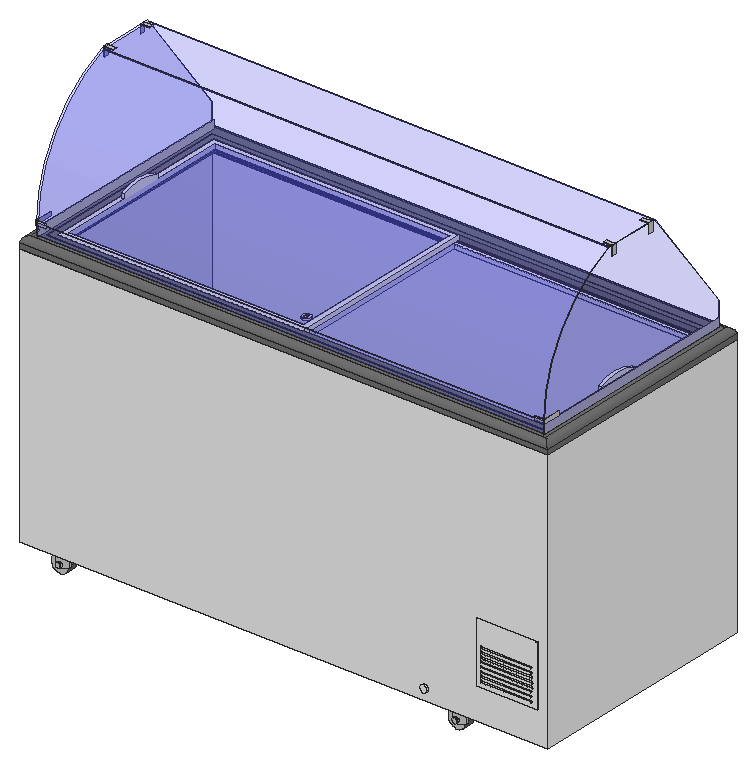
Revit family "Qf_Summit_NOVA53GDC_18 Cu.Ft. Dipping Cabinet (Unassembled)", category Specialty Equipment, Revit 2020
Family settings
  Round Connector Dimension = Use Diameter
  Part Type = Normal
  Work Plane-Based = No
  Always vertical = Yes
  Cut with Voids When Loaded = No
  Shared = No
  Room Calculation Point = No
Parameters
  Weight in Pounds = 300
  Watts = FL Amps * Volts  # 483 W
  Volts = 115 V
  URL Cutsheet = ""
  Specification by User = ""
  Specification by Manufacturer = ""
  Show Clearance [instance] = yes
  Serial Number = ""
  Seismic Rating = ""
  SMACNA No = ""
  Revision Code = ""
  Refrigerant Volume = 0.00 kip
  Refrigerant Type = "R290a"
  Phase = 1
  Number of Poles = 1
  NAFEM Spec ID Number = ""
  Model = "NOVA53GDC"
  Min Ckt Ampacity = 0 A
  Max Overcurrent Protection = 0 A
  Masterspec = ""
  Manufacturer = "Summit"
  Length = 60 3/4"
  Item Number = ""
  Installed By = ""
  Identify Quantity as Lot = yes
  Height = 49 1/2"
  HP = ""
  Furnished By = ""
  Foodservice Equipment Identifier = yes
  FL Amps = 4.2 A
  Electrical Remarks = ""
  Electric Connection Type = ""
  Elec Conn RI Height = 0"
  Elec Conn Connection Height = 0"
  Description = "18 Cu.Ft. Dipping Cabinet (Unassembled)"
  Depth = 27 1/4"
  Default Elevation = 0"
  Cycle = 60 Hz
  Conn Plug = ""
  Conn Conduit = yes
  CSI MasterFormat = ""
  Apparent Power = 828 VA
Reference planes (in)
  plane 1: z = 0
  plane 2 "LEFT": x = 0
  plane 3 "RIGHT": x = 60.75
  plane 4 "FRONT": y = -28
  plane 5 "TOP": z = 34.25
  plane 6 "Center Y": x = 30.375
  plane 7 "Center X": y = -14.375
  plane 8 "BACK": y = -0.75
  plane 9: z = 2.75
  plane 10: x = 0.75
  plane 11: x = 3.71343
  plane 12: x = 49.4375
  plane 13: x = 1.7
  plane 14: x = 39.825
  plane 15: x = 31.95
  plane 16: z = 5.875
  plane 17: y = -27
  plane 18: y = -1.75
  plane 19: x = 3.125
  plane 20: x = 57.625
  plane 21: z = 15.625
  plane 22: x = 49.75
  plane 23: z = 49.5
Forms (in)
  Sweep 1, solid, material "QF_Plastic_Dark_Grey"
    path origin (0, 0, 0) x (1, 0, 0) y (0, 1, 0)
      loop
        line (0, -0.75) -> (0, -28) -> (60.75, -28) -> (60.75, -0.75) -> (0, -0.75)
    profile origin (0, -14.375, 0) x (1, 0, 0) y (0, 0, 1)
      loop
        line (0, 33) -> (1.7, 33) -> (1.7, 34.25) -> (0.75, 34.25) -> (0.67874, 34.25)
        arc (0.67874, 34.25) -> (0.1988, 34.0512) -> (0, 33.57126) r 0.67874
        line (0, 33.57126) -> (0, 33)
  Extrusion 2, solid, material "QF_Metallic_Paint_White_Smooth"
    sketch origin (0, 0, 0) x (1, 0, 0) y (0, 1, 0)
      loop
        line (1.4375, -26.5625) -> (59.3125, -26.5625) -> (59.3125, -2.1875) -> (1.4375, -2.1875) -> (1.4375, -26.5625)
      loop
        line (60.75, -0.75) -> (0, -0.75) -> (0, -28) -> (60.75, -28) -> (60.75, -0.75)
    from 2.75 to 33
  Extrusion 3, solid, material "QF_Metallic_Paint_White_Smooth"
    sketch origin (0, 0, 0) x (1, 0, 0) y (0, 1, 0)
      loop
        line (2.4, -3.15) -> (2.4, -25.6) -> (30.625, -25.6) -> (30.625, -3.15) -> (2.4, -3.15)
      loop
        line (3.075, -3.8) -> (3.075, -24.8) -> (30.125, -24.8) -> (30.125, -3.8) -> (3.075, -3.8)
    from 33.70906 to 34.25
  Extrusion 4, solid, material "Glass"
    sketch origin (0, 0, 0) x (1, 0, 0) y (0, 1, 0)
      loop
        line (3.075, -3.8) -> (3.075, -24.8) -> (30.125, -24.8) -> (30.125, -3.8) -> (3.075, -3.8)
    from 33.63932 to 34.25
  Extrusion 5, solid, material "QF_Metallic_Paint_White_Smooth"
    sketch origin (0, -0.75, 0) x (1, 0, 0) y (0, 0, 1)
      loop
        line (1, 5.875) -> (1, 2.75) -> (59.75, 2.75) -> (59.75, 15.625) -> (49.75, 15.625) -> (49.75, 5.875) -> (1, 5.875)
    from 1.4375 to 25.8125
  Sweep 6, solid, material "QF_Plastic_Dark_Grey"
    path origin (30, 0, 34.27864) x (-1, 0, 0) y (0, -1, 0)
      loop
        line (27.7, 3.05) -> (27.7, 25.7) -> (-28.45, 25.7) -> (-28.45, 3.05) -> (27.7, 3.05)
    profile origin (30.375, -3.05, 34.27864) x (0, 1, 0) y (0, 0, 1)
      loop
        line (-0.1, -0.02864) -> (-0.1, -0.56958) -> (-0.33757, -0.56958) -> (-0.33757, -0.63932) -> (-0.1, -0.63932) -> (-0.1, -1.18026) -> (-0.33757, -1.18026) -> (-0.33757, -1.27864) -> (0.6, -1.27864) -> (0.6, -0.02864) -> (-0.1, -0.02864)
  Extrusion 7, solid, material "QF_Metallic_Paint_White_Smooth"
    sketch origin (30, 0, -0.61068) x (-1, 0, 0) y (0, -1, 0)
      loop
        line (-28.35, 3.15) -> (-0.125, 3.15) -> (-0.125, 25.6) -> (-28.35, 25.6) -> (-28.35, 3.15)
      loop
        line (-27.675, 3.8) -> (-0.625, 3.8) -> (-0.625, 24.8) -> (-27.675, 24.8) -> (-27.675, 3.8)
    from 33.70906 to 34.25
  Extrusion 8, solid, material "Glass"
    sketch origin (30, 0, -0.61068) x (-1, 0, 0) y (0, -1, 0)
      loop
        line (-27.675, 3.8) -> (-0.625, 3.8) -> (-0.625, 24.8) -> (-27.675, 24.8) -> (-27.675, 3.8)
    from 33.70906 to 34.25
  Extrusion 9, solid, material "QF_Metallic_Paint_White_Smooth"
    sketch origin (23.88, 0, 0) x (0, 1, 0) y (0, 0, 1)
      loop
        line (-16.73455, 34.25) -> (-12.01545, 34.25) -> (-12.01545, 34.75)
        arc (-12.01545, 34.75) -> (-14.375, 35.25) -> (-16.73455, 34.75) r 5.8175
        line (-16.73455, 34.75) -> (-16.73455, 34.25)
    from -21.17186 to -20.805
  Extrusion 10, solid, material "QF_Metallic_Paint_White_Smooth"
    sketch origin (6.12, 0, -0.61068) x (0, 1, 0) y (0, 0, -1)
      loop
        line (-16.73455, -34.25) -> (-16.73455, -34.75)
        arc (-16.73455, -34.75) -> (-14.375, -35.25) -> (-12.01545, -34.75) r 5.8175
        line (-12.01545, -34.75) -> (-12.01545, -34.25) -> (-16.73455, -34.25)
    from -51.92186 to -51.555
  Extrusion 11, solid, material "QF_Metallic_Paint_White_Smooth"
    sketch origin (0, -28, 0) x (1, 0, 0) y (0, 0, 1)
      loop
        line (52.625, 13.375) -> (52.625, 6.375) -> (59.625, 6.375) -> (59.625, 13.375) -> (52.625, 13.375)
      loop
        line (53.125, 10.625) -> (53.125, 10.375) -> (59.125, 10.375) -> (59.125, 10.625) -> (53.125, 10.625)
      loop
        line (59.125, 10.125) -> (53.125, 10.125) -> (53.125, 9.875) -> (59.125, 9.875) -> (59.125, 10.125)
      loop
        line (53.125, 9.625) -> (53.125, 9.375) -> (59.125, 9.375) -> (59.125, 9.625) -> (53.125, 9.625)
      loop
        line (59.125, 9.125) -> (53.125, 9.125) -> (53.125, 8.875) -> (59.125, 8.875) -> (59.125, 9.125)
      loop
        line (53.125, 8.625) -> (53.125, 8.375) -> (59.125, 8.375) -> (59.125, 8.625) -> (53.125, 8.625)
      loop
        line (59.125, 8.125) -> (53.125, 8.125) -> (53.125, 7.875) -> (59.125, 7.875) -> (59.125, 8.125)
      loop
        line (53.125, 7.625) -> (53.125, 7.375) -> (59.125, 7.375) -> (59.125, 7.625) -> (53.125, 7.625)
      loop
        line (59.125, 7.125) -> (53.125, 7.125) -> (53.125, 6.875) -> (59.125, 6.875) -> (59.125, 7.125)
    from 0 to 0.03125
  Extrusion 12, solid, material "QF_Metallic_Paint_White_Smooth"
    sketch origin (0, -0.75, 0) x (1, 0, 0) y (0, 0, 1)
      loop
        circle (57.75, 5.375) r 0.25
    from 0 to -0.23344
  Extrusion 13, solid, material "QF_Metallic_Paint_White_Smooth"
    sketch origin (0, -28, 0) x (1, 0, 0) y (0, 0, 1)
      loop
        circle (46.625, 4) r 0.40028
    from 0 to 0.15886
  Extrusion 14, solid, material "QF_Metal - Stainless - Polished"
    sketch origin (0.07561, 0.09001, 34.25) x (1, 0, 0) y (0, 1, 0)
      loop
        circle (29.29939, -23.52751) r 0.5
      loop
        circle (29.29939, -23.52751) r 0.25
      loop
        arc (29.33064, -23.57767) -> (29.29939, -23.46841) -> (29.26814, -23.57767) r 0.0591
        line (29.26814, -23.57767) -> (29.26814, -23.72445)
        arc (29.26814, -23.72445) -> (29.29939, -23.7557) -> (29.33064, -23.72445) r 0.03125
        line (29.33064, -23.72445) -> (29.33064, -23.57767)
    from 0.04239 to -0.05358
Cuts and joins
  joined: Extrusion 2, Extrusion 5, Extrusion 11, Extrusion 12
  joined: Extrusion 3, Extrusion 9
  joined: Extrusion 7, Extrusion 10
Lines and regions (in)
  Split face 1
    outline origin (52.625, -28.03125, 13.375) x (-1, 0, 0) y (0, 0, -1)
      loop
        arc (-2, 1.7125) -> (-2.02929, 1.78321) -> (-2.1, 1.8125) r 0.1
        line (-2.1, 1.8125) -> (-4.9, 1.8125)
        arc (-4.9, 1.8125) -> (-4.97071, 1.78321) -> (-5, 1.7125) r 0.1
        line (-5, 1.7125) -> (-5, 0.6)
        arc (-5, 0.6) -> (-4.97071, 0.52929) -> (-4.9, 0.5) r 0.1
        line (-4.9, 0.5) -> (-2.1, 0.5)
        arc (-2.1, 0.5) -> (-2.02929, 0.52929) -> (-2, 0.6) r 0.1
        line (-2, 0.6) -> (-2, 1.7125)
  Split face 2
    outline origin (52.625, -28.03125, 13.375) x (-1, 0, 0) y (0, 0, -1)
      loop
        line (-2.625, 0.6875) -> (-2.625, 1.375) -> (-4.374, 1.375) -> (-4.374, 0.6875) -> (-2.625, 0.6875)
  Split face 3
    outline origin (52.625, -28.03125, 13.375) x (-1, 0, 0) y (0, 0, -1)
      loop
        arc (-2.4061, 0.67406) -> (-2.3125, 0.54855) -> (-2.2189, 0.67406) r 0.09766
        arc (-2.2189, 0.67406) -> (-2.24545, 0.75668) -> (-2.26367, 0.84152) r 0.87424
        line (-2.26367, 0.84152) -> (-2.26974, 0.93917) -> (-2.35526, 0.93917) -> (-2.36133, 0.84152)
        arc (-2.36133, 0.84152) -> (-2.37955, 0.75668) -> (-2.4061, 0.67406) r 0.87424
  Split face 4
    outline origin (52.625, -28.03125, 13.375) x (-1, 0, 0) y (0, 0, -1)
      loop
        line (-4.59026, 0.82885) -> (-4.6875, 0.81322) -> (-4.78474, 0.82885) -> (-4.6875, 0.66041) -> (-4.59026, 0.82885)
  Split face 5
    outline origin (52.625, -28.03125, 13.375) x (-1, 0, 0) y (0, 0, -1)
      loop
        line (-4.6875, 1.09273) -> (-4.59026, 1.07711) -> (-4.6875, 1.24554) -> (-4.78474, 1.07711) -> (-4.6875, 1.09273)
  Split face 6
    outline origin (52.625, -28.03125, 13.375) x (-1, 0, 0) y (0, 0, -1)
      loop
        arc (-4.67187, 1.54954) -> (-4.6875, 1.73573) -> (-4.70312, 1.54954) r 0.09375
        line (-4.70312, 1.54954) -> (-4.70312, 1.48913) -> (-4.67187, 1.48913) -> (-4.67187, 1.54954)
  symbolic lines
    curve 1: line (0, -0.75, 0) -> (60.75, -0.75, 0)
    curve 2: line (0, -28, 0) -> (0, -0.75, 0)
    curve 3: line (60.75, -28, 0) -> (0, -28, 0)
    curve 4: line (60.75, -0.75, 0) -> (60.75, -28, 0)
    curve 5: line (30.125, -10.375, 0) -> (30.125, -3.8, 0)
    curve 6: line (1, -27, 0) -> (1, -1.75, 0)
    curve 7: line (1, -1.75, 0) -> (59.75, -1.75, 0)
    curve 8: line (59.75, -1.75, 0) -> (59.75, -27, 0)
    curve 9: line (59.75, -27, 0) -> (1, -27, 0)
    curve 10: line (30.625, -24.8, 0) -> (57.675, -24.8, 0)
    curve 11: line (3.075, -12.01545, 0) -> (2.70814, -12.01545, 0)
    curve 12: line (2.70814, -12.01545, 0) -> (2.70814, -16.73455, 0)
    curve 13: line (2.70814, -16.73455, 0) -> (3.075, -16.73455, 0)
    curve 14: line (57.675, -12.01545, 0) -> (58.04186, -12.01545, 0)
    curve 15: line (58.04186, -12.01545, 0) -> (58.04186, -16.73455, 0)
    curve 16: line (58.04186, -16.73455, 0) -> (57.675, -16.73455, 0)
    curve 17: line (1.7, -2.45, 0) -> (1.7, -26.3, 0)
    curve 18: line (1.7, -26.3, 0) -> (59.05, -26.3, 0)
    curve 19: line (59.05, -26.3, 0) -> (59.05, -2.45, 0)
    curve 20: line (59.05, -2.45, 0) -> (1.7, -2.45, 0)
    curve 21: line (2.4, -25.6, 0) -> (2.4, -3.15, 0)
    curve 22: line (2.4, -3.15, 0) -> (58.35, -3.15, 0)
    curve 23: line (58.35, -3.15, 0) -> (58.35, -25.6, 0)
    curve 24: line (58.35, -25.6, 0) -> (2.4, -25.6, 0)
    curve 25: line (3.075, -3.8, 0) -> (3.075, -24.8, 0)
    curve 26: line (3.075, -24.8, 0) -> (30.125, -24.8, 0)
    curve 27: line (30.125, -24.8, 0) -> (30.125, -3.8, 0)
    curve 28: line (30.125, -3.8, 0) -> (3.075, -3.8, 0)
    curve 29: line (30.625, -25.6, 0) -> (30.625, -3.15, 0)
    curve 30: line (30.625, -3.8, 0) -> (57.675, -3.8, 0)
    curve 31: line (57.675, -3.8, 0) -> (57.675, -24.8, 0)
    curve 32: arc (29.875, -23.4375, 0) -> (29.375, -22.9375, 0) -> (28.875, -23.4375, 0) r 0.5
    curve 33: arc (28.875, -23.4375, 0) -> (29.375, -23.9375, 0) -> (29.875, -23.4375, 0) r 0.5
    curve 34: arc (29.125, -23.4375, 0) -> (29.375, -23.1875, 0) -> (29.625, -23.4375, 0) r 0.25
    curve 35: arc (29.625, -23.4375, 0) -> (29.375, -23.6875, 0) -> (29.125, -23.4375, 0) r 0.25
    curve 36: line (29.34375, -23.48766, 0) -> (29.34375, -23.63444, 0)
    curve 37: arc (29.34375, -23.63444, 0) -> (29.375, -23.66569, 0) -> (29.40625, -23.63444, 0) r 0.03125
    curve 38: line (29.40625, -23.63444, 0) -> (29.40625, -23.48766, 0)
    curve 39: arc (29.40625, -23.48766, 0) -> (29.375, -23.3784, 0) -> (29.34375, -23.48766, 0) r 0.0591
Dimensions and locks (in)
  equal spacing: plane 2 "LEFT", plane 6 "Center Y", plane 3 "RIGHT"
  "Length": plane 2 "LEFT" to plane 3 "RIGHT"
  equal spacing: plane 4 "FRONT", plane 7 "Center X", plane 8 "BACK"
  plane 5 "TOP" to level = 34 1/4"  (x3)
  plane 3 "RIGHT" to plane 2 "LEFT" = 60 3/4"
  "Depth": plane 4 "FRONT" to plane 8 "BACK"
  plane 9 to level = 2 3/4"
  locked: plane 11 to plane 2 "LEFT" at 3.71343
  locked: plane 3 "RIGHT" to plane 12 at 11.3125
  plane 5 "TOP" to cut or joined group of Extrusion 2, Extrusion 5, Extrusion 11, Extrusion 12 = 31 1/2"
  locked: Extrusion 2 sketch curve to plane 3 "RIGHT" at 1.4375
  plane 14 to Extrusion 5 sketch curve = 9.925"
  locked: Extrusion 5 sketch curve to plane 3 "RIGHT" at 1
  locked: Sweep 6 sketch curve to plane 3 "RIGHT" at 2.3
  Extrusion 3 sketch curve to plane 6 "Center Y" to Extrusion 3 sketch curve = 1/4" locked, 1/4" locked
  cut or joined group of Extrusion 7, Extrusion 10 to cut or joined group of Extrusion 7, Extrusion 10 to cut or joined group of Extrusion 7, Extrusion 10 to plane 3 "RIGHT" = 0" locked, 0.36686", 2.70814"
  nested 5 to plane 5 "TOP" = 15 5/16"
  cut or joined group of Extrusion 2, Extrusion 5, Extrusion 11, Extrusion 12 to cut or joined group of Extrusion 2, Extrusion 5, Extrusion 11, Extrusion 12 = 9 9/16"
  plane 18 to plane 17 = 25 1/4"
  plane 19 to plane 20 = 54 1/2"
  plane 16 to level = 5 7/8"
  locked: plane 21 to plane 16 at 9.75
  locked: plane 20 to plane 22 at 7.875
  plane 23 to plane 1 = 49 1/2"
  aligned and locked: level to plane 1
  aligned and locked: nested 1 to plane 11
  aligned and locked: nested 2 to plane 11
  aligned and locked: nested 3 to plane 12
  aligned and locked: nested 4 to plane 12
  aligned and locked: Extrusion 3 to Extrusion 4  (x3)
  aligned and locked: Extrusion 8 to Extrusion 7  (x3)
  aligned and locked: Sweep 1 sketch curve to plane 3 "RIGHT"
  aligned and locked: cut or joined group of Extrusion 7, Extrusion 10 to cut or joined group of Extrusion 7, Extrusion 10
  aligned and locked: plane 6 "Center Y" to nested 5
  aligned and locked: cut or joined group of Extrusion 2, Extrusion 5, Extrusion 11, Extrusion 12 to plane 16
  aligned and locked: plane 21 to cut or joined group of Extrusion 2, Extrusion 5, Extrusion 11, Extrusion 12
  aligned and locked: cut or joined group of Extrusion 2, Extrusion 5, Extrusion 11, Extrusion 12 to plane 22
Automatic sketch dimensions
  Extrusion 9 sketch curve to plane 5 "TOP" = 0"
  Extrusion 9 sketch curve to plane 7 "Center X" = 0"
  Extrusion 9 sketch curve to plane 7 "Center X" = 2.35955"
  plane 5 "TOP" to Extrusion 9 sketch curve = 1/2"
  plane 7 "Center X" to Extrusion 9 sketch curve = 2.35955"
  Extrusion 9 sketch curve to plane 5 "TOP" = 4.8175"
  Extrusion 10 sketch curve to plane 5 "TOP" = 0.61068"
  Extrusion 10 sketch curve to plane 7 "Center X" = 0"
  Extrusion 10 sketch curve to plane 7 "Center X" = 2.35955"
  Extrusion 10 sketch curve to plane 5 "TOP" = 0.11068"
  plane 7 "Center X" to Extrusion 10 sketch curve = 2.35955"
  Extrusion 10 sketch curve to plane 5 "TOP" = 5.42818"
  Sweep 1 sketch curve to plane 2 "LEFT" = 0"
  plane 4 "FRONT" to Sweep 1 sketch curve = 0"
  plane 8 "BACK" to Sweep 1 sketch curve = 0"
  profile plane to Sweep 1 sketch curve = 0"
  plane 10 to Sweep 1 sketch curve = 0"
  Sweep 1 sketch curve to Sweep 1 sketch curve = 0.07126"
  Sweep 1 sketch curve to plane 10 = 0.95"
  level to Sweep 1 sketch curve = 33"
  Sweep 1 sketch curve to Sweep 1 sketch curve = 0.57126"
  Extrusion 2 sketch curve to plane 2 "LEFT" = 0"
  Extrusion 2 sketch curve to plane 3 "RIGHT" = 0"
  plane 4 "FRONT" to Extrusion 2 sketch curve = 0"
  plane 8 "BACK" to Extrusion 2 sketch curve = 0"
  plane 13 to Extrusion 2 sketch curve = 0.2625"
  Extrusion 2 sketch curve to plane 17 = 7/16"
  Extrusion 2 sketch curve to plane 18 = 7/16"
  plane 19 to Extrusion 3 sketch curve = 0.05"
  Extrusion 3 sketch curve to plane 13 = 0.7"
  Extrusion 3 sketch curve to plane 17 = 1.4"
  Extrusion 3 sketch curve to Extrusion 3 sketch curve = 0.8"
  Extrusion 3 sketch curve to plane 18 = 2.05"
  Extrusion 3 sketch curve to Extrusion 3 sketch curve = 0.65"
  plane 19 to Extrusion 4 sketch curve = 0.05"
  Extrusion 4 sketch curve to plane 6 "Center Y" = 1/4"
  Extrusion 4 sketch curve to plane 17 = 2.2"
  Extrusion 4 sketch curve to plane 18 = 2.05"
  Extrusion 5 sketch curve to plane 16 = 0"
  Extrusion 5 sketch curve to plane 9 = 0"
  Extrusion 5 sketch curve to plane 21 = 0"
  plane 13 to Extrusion 5 sketch curve = 0.7"
  Sweep 6 sketch curve to plane 13 = 0.6"
  Sweep 6 sketch curve to plane 18 = 1.3"
  Sweep 6 sketch curve to plane 17 = 1.3"
  profile plane to Sweep 6 sketch curve = 0.33757"  (x2)
  profile plane to Sweep 6 sketch curve = 0.1"
  Sweep 6 sketch curve to Sweep 6 sketch curve = 0"
  Sweep 6 sketch curve to profile plane = 0.02864"
  Sweep 6 sketch curve to profile plane = 0.6"
  Sweep 6 sketch curve to profile plane = 0.56958"
  Sweep 6 sketch curve to Sweep 6 sketch curve = 0.06974"
  Sweep 6 sketch curve to Sweep 6 sketch curve = 0.54094"
  Sweep 6 sketch curve to Sweep 6 sketch curve = 0.09838"
  Extrusion 7 sketch curve to plane 20 = 0.725"
  Extrusion 7 sketch curve to plane 20 = 0.05"
  Extrusion 7 sketch curve to plane 6 "Center Y" = 1/4"
  plane 6 "Center Y" to Extrusion 7 sketch curve = 1/4"
  plane 17 to Extrusion 7 sketch curve = 1.4"
  Extrusion 7 sketch curve to Extrusion 7 sketch curve = 0.8"
  plane 18 to Extrusion 7 sketch curve = 2.05"
  Extrusion 7 sketch curve to Extrusion 7 sketch curve = 0.65"
  Extrusion 8 sketch curve to plane 20 = 0.05"
  Extrusion 8 sketch curve to plane 6 "Center Y" = 1/4"
  plane 17 to Extrusion 8 sketch curve = 2.2"
  plane 18 to Extrusion 8 sketch curve = 2.05"
  Extrusion 11 sketch curve to plane 16 = 1/2"
  plane 22 to Extrusion 11 sketch curve = 2 7/8"
  Extrusion 11 sketch curve to Extrusion 11 sketch curve = 1/2"  (x4)
  Extrusion 11 sketch curve to Extrusion 11 sketch curve = 0"  (x13)
  plane 20 to Extrusion 11 sketch curve = 1 1/2"
  Extrusion 11 sketch curve to Extrusion 11 sketch curve = 1/4"  (x15)
  Extrusion 11 sketch curve to plane 21 = 2 1/4"
  cut or joined group of Extrusion 2, Extrusion 5, Extrusion 11, Extrusion 12 to Split face 1 sketch curve = 1 1/2"
  Split face 1 sketch curve to Split face 1 sketch curve = 0.1"  (x3)
  Split face 1 sketch curve to cut or joined group of Extrusion 2, Extrusion 5, Extrusion 11, Extrusion 12 = 0.6"
  cut or joined group of Extrusion 2, Extrusion 5, Extrusion 11, Extrusion 12 to Split face 1 sketch curve = 1.6"
  Split face 1 sketch curve to Split face 1 sketch curve = 0"
  Split face 1 sketch curve to cut or joined group of Extrusion 2, Extrusion 5, Extrusion 11, Extrusion 12 = 1.0375"
  Split face 2 sketch curve to cut or joined group of Extrusion 2, Extrusion 5, Extrusion 11, Extrusion 12 = 11/16"
  cut or joined group of Extrusion 2, Extrusion 5, Extrusion 11, Extrusion 12 to Split face 2 sketch curve = 2.126"
  Split face 2 sketch curve to Split face 2 sketch curve = 1.749"
  Split face 2 sketch curve to Split face 2 sketch curve = 11/16"
  Split face 3 sketch curve to cut or joined group of Extrusion 2, Extrusion 5, Extrusion 11, Extrusion 12 = 0.98248"
  cut or joined group of Extrusion 2, Extrusion 5, Extrusion 11, Extrusion 12 to Split face 3 sketch curve = 2.72413"
  Split face 3 sketch curve to cut or joined group of Extrusion 2, Extrusion 5, Extrusion 11, Extrusion 12 = 0.84152"  (x2)
  Split face 3 sketch curve to Split face 3 sketch curve = 0.8628"
  Split face 3 sketch curve to Split face 3 sketch curve = 0.00606"
  Split face 3 sketch curve to Split face 3 sketch curve = 0.04883"
  Split face 3 sketch curve to Split face 3 sketch curve = 0.08553"
  Split face 3 sketch curve to Split face 3 sketch curve = 25/256"  (x2)
  Split face 3 sketch curve to Split face 3 sketch curve = 0.86886"
  Split face 3 sketch curve to Split face 3 sketch curve = 25/128"
  Split face 3 sketch curve to Split face 3 sketch curve = 0.04331"
  Split face 3 sketch curve to Split face 3 sketch curve = 0.0936"
  Split face 4 sketch curve to cut or joined group of Extrusion 2, Extrusion 5, Extrusion 11, Extrusion 12 = 0.82885"  (x2)
  cut or joined group of Extrusion 2, Extrusion 5, Extrusion 11, Extrusion 12 to Split face 4 sketch curve = 1.71526"
  Split face 4 sketch curve to cut or joined group of Extrusion 2, Extrusion 5, Extrusion 11, Extrusion 12 = 0.66041"
  Split face 4 sketch curve to Split face 4 sketch curve = 0.09724"  (x3)
  Split face 4 sketch curve to cut or joined group of Extrusion 2, Extrusion 5, Extrusion 11, Extrusion 12 = 0.81322"
  cut or joined group of Extrusion 2, Extrusion 5, Extrusion 11, Extrusion 12 to Split face 5 sketch curve = 1.71526"
  Split face 5 sketch curve to Split face 5 sketch curve = 0.09724"  (x2)
  Split face 5 sketch curve to Split face 5 sketch curve = 0"  (x2)
  Split face 5 sketch curve to cut or joined group of Extrusion 2, Extrusion 5, Extrusion 11, Extrusion 12 = 1.07711"
  Split face 5 sketch curve to Split face 5 sketch curve = 1/64"
  Split face 5 sketch curve to Split face 5 sketch curve = 0.15281"
  cut or joined group of Extrusion 2, Extrusion 5, Extrusion 11, Extrusion 12 to Split face 6 sketch curve = 1 51/64"
  Split face 6 sketch curve to Split face 6 sketch curve = 1/64"
  Split face 6 sketch curve to Split face 6 sketch curve = 1/32"
  Split face 6 sketch curve to cut or joined group of Extrusion 2, Extrusion 5, Extrusion 11, Extrusion 12 = 1.26087"
  Split face 6 sketch curve to Split face 6 sketch curve = 0.06041"
  Split face 6 sketch curve to Split face 6 sketch curve = 0.09244"
  plane 20 to Extrusion 12 sketch curve = 1/8"
  plane 16 to Extrusion 12 sketch curve = 1/2"
  Extrusion 13 sketch curve to plane 9 = 1 1/4"
  Extrusion 13 sketch curve to plane 12 = 2 13/16"
  Extrusion 14 sketch curve to Extrusion 14 sketch curve = 0"  (x6)
  Extrusion 14 sketch curve to Extrusion 4 = 25/32"
  Extrusion 14 sketch curve to Extrusion 14 sketch curve = 1/32"  (x2)
  Extrusion 14 sketch curve to Extrusion 4 = 1.16556"
  Extrusion 14 sketch curve to Extrusion 14 sketch curve = 0.14678"
  Extrusion 14 sketch curve to Extrusion 14 sketch curve = 0.05016"
  curve 3 to plane 2 "LEFT" = 0"
  curve 6 to plane 18 = 0"
  plane 17 to curve 6 = 0"
  curve 17 to plane 13 = 0"
  curve 3 to plane 3 "RIGHT" = 0"
  plane 4 "FRONT" to curve 4 = 0"
  plane 8 "BACK" to curve 2 = 0"
  plane 13 to curve 6 = 0.7"
  curve 21 to plane 13 = 0.7"
  plane 19 to curve 12 = 0.41686"
  plane 19 to curve 25 = 0.05"
  curve 27 to plane 6 "Center Y" = 1/4"
  plane 20 to curve 30 = 0.05"
  curve 14 to curve 14 = 0.36686"
  plane 20 to curve 22 = 0.725"
  curve 23 to curve 18 = 0.7"
  curve 19 to curve 8 = 0.7"
  curve 18 to plane 17 = 0.7"
  curve 18 to curve 23 = 0.7"
  curve 21 to curve 25 = 0.8"
  curve 23 to curve 10 = 0.8"
  curve 13 to plane 7 "Center X" = 2.35955"
  curve 16 to plane 7 "Center X" = 2.35955"
  plane 7 "Center X" to curve 15 = 2.35955"
  plane 7 "Center X" to curve 12 = 2.35955"
  curve 28 to plane 18 = 2.05"
  curve 30 to plane 18 = 2.05"
  curve 25 to curve 22 = 0.65"
  curve 17 to plane 18 = 0.7"
  plane 6 "Center Y" to curve 29 = 1/4"
  plane 7 "Center X" to curve 5 = 4"
  curve 33 to plane 6 "Center Y" = 1"
  curve 26 to curve 32 = 1.3625"
  curve 32 to curve 32 = 1/2"
  curve 32 to curve 34 = 0"  (x2)
  curve 34 to curve 32 = 1/4"
  curve 32 to curve 39 = 0"  (x2)
  curve 36 to curve 32 = 1/32"
  curve 36 to curve 37 = 1/32"
  curve 37 to curve 32 = 0.19694"
  curve 36 to curve 32 = 0.05016"
  radius of Extrusion 12 sketch curve = 1/4"
  radius of Extrusion 13 sketch curve = 0.40028"
  radius of Extrusion 14 sketch curve = 1/2"
  radius of Extrusion 14 sketch curve = 1/4"
Nested families (in)
  nested 1: "2-34 INCHES_CASTER" at (3.71343, -25.875, 0) x (0, -1, 0) z (0, 0, 1), type "2-34 INCHES_CASTER"
    with Type Mark "", Specification by User "", Show 4.25" Casters yes, Right Lock yes, Revision Code "", Left Lock yes, Item Number "", Installed By "", Identify Quantity as Lot yes, Furnished By "", Foodservice Equipment Identifier yes
  nested 2: "2-34 INCHES_CASTER" at (3.71343, -2.875, 0) x (0, -1, 0) z (0, 0, 1), type "2-34 INCHES_CASTER"
    with Type Mark "", Specification by User "", Show 4.25" Casters yes, Right Lock yes, Revision Code "", Left Lock yes, Item Number "", Installed By "", Identify Quantity as Lot yes, Furnished By "", Foodservice Equipment Identifier yes
  nested 3: "2-34 INCHES_CASTER" at (49.4375, -25.875, 0) x (0, -1, 0) z (0, 0, 1), type "2-34 INCHES_CASTER"
    with Type Mark "", Specification by User "", Show 4.25" Casters yes, Right Lock yes, Revision Code "", Left Lock yes, Item Number "", Installed By "", Identify Quantity as Lot yes, Furnished By "", Foodservice Equipment Identifier yes
  nested 4: "2-34 INCHES_CASTER" at (49.4375, -2.875, 0) x (0, -1, 0) z (0, 0, 1), type "2-34 INCHES_CASTER"
    with Type Mark "", Specification by User "", Show 4.25" Casters yes, Right Lock yes, Revision Code "", Left Lock yes, Item Number "", Installed By "", Identify Quantity as Lot yes, Furnished By "", Foodservice Equipment Identifier yes
  nested 5: "FSNEEZEGUARD for NOVA 53 GDC" at (3.3, 11.875, 34.25), type "FSNEEZEGUARD for NOVA 53 GDC"
Connectors (in)
  electrical at (57.75, -0.51656, 5.375)
    settings: on cut or joined group of Extrusion 2, Extrusion 5, Extrusion 11, Extrusion 12, index 1, voltage 0 V, apparent load 0 VA, apparent load phase1 0 VA, apparent load phase2 0 VA, apparent load phase3 0 VA, power factor 1, load classification "Other", number of poles 1, system type 31, power factor state 1, is connector primary yes, connector utility no, sub classification motor no, connector description "Electrical Inlet"
  piping at (46.625, -28.15886, 4), diameter 0.75
    settings: on Extrusion 13, index 2, connector inside diameter 24", connector length 0", flow factor 0, pipe flow 0 GPM, pressure drop 0.00 psi, fitting loss kfactor 0, connector angle 0.00°, fixture units 0, engagement length 0", angle of deflection 0.00°, flow configuration 1, flow direction 2, fitting loss method 0, system type 16, joint type 0, gender type 0, connector reference index -1, connector utility 0, adjustable connector no, is connector primary yes, connector description "Drain"
Definition of nested family "2-34 INCHES_CASTER"
  Parameters (values of type "2-34 INCHES_CASTER")
    Weight = ""
    URL Manufacturer = ""
    URL Cutsheet = ""
    URL = ""
    Type Mark [instance] = ""
    Specification by User [instance] = ""
    Specification by Manufacturer = ""
    Show 4.25" Casters [instance] = yes
    Serial Number = ""
    Seismic Rating = ""
    SMACNA No = ""
    Right Lock [instance] = yes
    Revision Code [instance] = ""
    Omniclass Number and Title = ""
    NAFEM Spec ID Number = ""
    Model = ""
    MasterSpec. = ""
    Manufacturer = ""
    Left Lock [instance] = yes
    Item Number [instance] = ""
    Installed By [instance] = ""
    Identify Quantity as Lot [instance] = yes
    Furnished By [instance] = ""
    Foodservice Equipment Identifier [instance] = yes
    Description = ""
    Default Elevation = 0"
    CSI MasterFormat = ""
    CSI Master Format = ""
    Assembly Code = ""
  Reference planes (in)
    plane 1: z = 0
    plane 2 "RIGHT": x = 0
    plane 3 "FRONT": y = 0
    plane 4 "TOP": z = 2.74
    plane 5: z = 2.74
  Forms (in)
    Extrusion 1, solid, visible <- "Show 4.25" Casters"
      sketch origin (-0.60795, -3.50665, 0) x (0, 1, 0) y (0, 0, 1)
        loop
          arc (4.4375, 2.09375) -> (4.42835, 2.11585) -> (4.40625, 2.125) r 0.03125
          line (4.40625, 2.125) -> (4.34375, 2.125)
          arc (4.34375, 2.125) -> (4.32165, 2.13415) -> (4.3125, 2.15625) r 0.03125
          line (4.3125, 2.15625) -> (4.3125, 2.59375)
          arc (4.3125, 2.59375) -> (4.32165, 2.61585) -> (4.34375, 2.625) r 0.03125
          line (4.34375, 2.625) -> (4.625, 2.625) -> (4.625, 2.75) -> (2.625, 2.75) -> (2.625, 2.625) -> (2.90625, 2.625)
          arc (2.90625, 2.625) -> (2.92835, 2.61585) -> (2.9375, 2.59375) r 0.03125
          line (2.9375, 2.59375) -> (2.9375, 2.15625)
          arc (2.9375, 2.15625) -> (2.92835, 2.13415) -> (2.90625, 2.125) r 0.03125
          line (2.90625, 2.125) -> (2.84375, 2.125)
          arc (2.84375, 2.125) -> (2.82165, 2.11585) -> (2.8125, 2.09375) r 0.03125
          line (2.8125, 2.09375) -> (2.8125, 0.75)
          arc (2.8125, 0.75) -> (2.84911, 0.66161) -> (2.9375, 0.625) r 0.125
          line (2.9375, 0.625) -> (3.3125, 0.625) -> (4.35203, 0.97151)
          arc (4.35203, 0.97151) -> (4.41391, 1.01701) -> (4.4375, 1.09009) r 0.125
          line (4.4375, 1.09009) -> (4.4375, 2.09375)
      from 0 to -0.09291
    Extrusion 2, solid, visible <- "Show 4.25" Casters"
      sketch origin (-0.60795, -3.50665, 0) x (0, 1, 0) y (0, 0, 1)
        loop
          line (4.625, 2.75) -> (2.625, 2.75) -> (2.625, 2.625) -> (4.625, 2.625) -> (4.625, 2.75)
      from 0 to 1.2159
    Extrusion 3, solid, visible <- "Show 4.25" Casters"
      sketch origin (-0.60795, -3.50665, 0) x (0, 1, 0) y (0, 0, 1)
        loop
          line (3.46896, 1.1625) -> (3.1875, 1.325) -> (2.90604, 1.1625) -> (2.90604, 0.8375) -> (3.1875, 0.675) -> (3.46896, 0.8375) -> (3.46896, 1.1625)
      from -0.27106 to -0.09291
    Extrusion 4, solid, visible <- "Show 4.25" Casters"
      sketch origin (-0.60795, -3.50665, 0) x (0, 1, 0) y (0, 0, 1)
        loop
          circle (3.1875, 1) r 0.28146
      from -0.31535 to 1.53554
    Extrusion 5, solid, visible <- "Show 4.25" Casters"
      sketch origin (-0.60795, -3.50665, 0) x (0, 1, 0) y (0, 0, 1)
        loop
          circle (3.1875, 1) r 1
      from 0.03554 to 1.18465
    Extrusion 6, solid, visible <- "Show 4.25" Casters"
      sketch origin (-0.60795, -3.50665, 0) x (0, 1, 0) y (0, 0, 1)
        loop
          line (2.90625, 2.125) -> (2.84375, 2.125)
          arc (2.84375, 2.125) -> (2.82165, 2.11585) -> (2.8125, 2.09375) r 0.03125
          line (2.8125, 2.09375) -> (4.4375, 2.09375)
          arc (4.4375, 2.09375) -> (4.42835, 2.11585) -> (4.40625, 2.125) r 0.03125
          line (4.40625, 2.125) -> (4.34375, 2.125)
          arc (4.34375, 2.125) -> (4.32165, 2.13415) -> (4.3125, 2.15625) r 0.03125
          line (4.3125, 2.15625) -> (4.3125, 2.59375)
          arc (4.3125, 2.59375) -> (4.32165, 2.61585) -> (4.34375, 2.625) r 0.03125
          line (4.34375, 2.625) -> (2.90625, 2.625)
          arc (2.90625, 2.625) -> (2.92835, 2.61585) -> (2.9375, 2.59375) r 0.03125
          line (2.9375, 2.59375) -> (2.9375, 2.15625)
          arc (2.9375, 2.15625) -> (2.92835, 2.13415) -> (2.90625, 2.125) r 0.03125
      from 0 to 1.2159
    Extrusion 7, solid, visible <- "Show 4.25" Casters"
      sketch origin (0.60795, -3.50665, 0) x (0, 1, 0) y (0, 0, -1)
        loop
          line (4.4375, -2.09375) -> (4.4375, -1.09009)
          arc (4.4375, -1.09009) -> (4.41391, -1.01701) -> (4.35203, -0.97151) r 0.125
          line (4.35203, -0.97151) -> (3.3125, -0.625) -> (2.9375, -0.625)
          arc (2.9375, -0.625) -> (2.84911, -0.66161) -> (2.8125, -0.75) r 0.125
          line (2.8125, -0.75) -> (2.8125, -2.09375)
          arc (2.8125, -2.09375) -> (2.82165, -2.11585) -> (2.84375, -2.125) r 0.03125
          line (2.84375, -2.125) -> (2.90625, -2.125)
          arc (2.90625, -2.125) -> (2.92835, -2.13415) -> (2.9375, -2.15625) r 0.03125
          line (2.9375, -2.15625) -> (2.9375, -2.59375)
          arc (2.9375, -2.59375) -> (2.92835, -2.61585) -> (2.90625, -2.625) r 0.03125
          line (2.90625, -2.625) -> (2.625, -2.625) -> (2.625, -2.75) -> (4.625, -2.75) -> (4.625, -2.625) -> (4.34375, -2.625)
          arc (4.34375, -2.625) -> (4.32165, -2.61585) -> (4.3125, -2.59375) r 0.03125
          line (4.3125, -2.59375) -> (4.3125, -2.15625)
          arc (4.3125, -2.15625) -> (4.32165, -2.13415) -> (4.34375, -2.125) r 0.03125
          line (4.34375, -2.125) -> (4.40625, -2.125)
          arc (4.40625, -2.125) -> (4.42835, -2.11585) -> (4.4375, -2.09375) r 0.03125
      from 0 to -0.09291
    Extrusion 8, solid, visible <- "Show 4.25" Casters"
      sketch origin (0.60795, -3.50665, 0) x (0, 1, 0) y (0, 0, -1)
        loop
          line (3.46896, -1.1625) -> (3.46896, -0.8375) -> (3.1875, -0.675) -> (2.90604, -0.8375) -> (2.90604, -1.1625) -> (3.1875, -1.325) -> (3.46896, -1.1625)
      from -0.27106 to -0.09291
  Cuts and joins
    joined: Extrusion 1, Extrusion 2, Extrusion 3, Extrusion 4, Extrusion 5, Extrusion 6, Extrusion 7, Extrusion 8
  Lines and regions (in)
    symbolic lines, visible <- "Show 4.25" Casters"
      curve 1: line (0.28481, 1.83041, 0) -> (1.24556, 1.27572, 0)
      curve 2: line (-1.26206, -0.84886, 0) -> (0.28481, 1.83041, 0)
      curve 3: line (-0.30132, -1.40355, 0) -> (-1.26206, -0.84886, 0)
      curve 4: line (1.24556, 1.27572, 0) -> (-0.30132, -1.40355, 0)
  Dimensions and locks (in)
    plane 4 "TOP" to level = 2.74"  (x2)
    aligned and locked: level to plane 1
    aligned and locked: Extrusion 6 to Extrusion 7
    aligned and locked: Extrusion 2 to Extrusion 7
Definition of nested family "FSNEEZEGUARD for NOVA 53 GDC"
  Parameters (values of type "FSNEEZEGUARD for NOVA 53 GDC")
    Model = ""
    Manufacturer = ""
    Length = 58 1/2"
    Height = 15 1/4"
    Description = ""
    Depth = 25 1/4"
    Default Elevation = 0"
  Reference planes (in)
    plane 1 "BACK": y = -13.625
    plane 2: z = 0
    plane 3 "LEFT": x = -2.175
    plane 4 "RIGHT": x = 56.325
    plane 5 "FRONT": y = -38.875
    plane 6 "TOP": z = 15.25
    plane 7 "Center Y": x = 27.075
    plane 8 "Center X": y = -26.25
    plane 9: z = 1.25
    plane 10: z = 3.25
    plane 11: z = 2.25
    plane 12: z = 10.25
    plane 13: z = 14
  Forms (in)
    Extrusion 1, solid
      sketch origin (23.88, -8.75, 0) x (0, 1, 0) y (0, 0, 1)
        loop
          line (-30.125, 1.38221) -> (-30.125, 0) -> (-30, 0) -> (-30, 1.25)
          arc (-30, 1.25) -> (-27.46539, 9.62328) -> (-20.6634, 15.125) r 14.87994
          line (-20.6634, 15.125) -> (-14.15625, 15.125) -> (-14.15625, 15.25) -> (-20.6875, 15.25)
          arc (-20.6875, 15.25) -> (-27.52511, 9.75806) -> (-30.125, 1.38221) r 15.00494
      from -26.055 to 32.445
    Extrusion 2, solid
      sketch origin (23.88, -8.75, 0) x (0, 1, 0) y (0, 0, 1)
        loop
          line (-4.875, 2.81069) -> (-14.15625, 15.25) -> (-20.6875, 15.25)
          arc (-20.6875, 15.25) -> (-27.52511, 9.75806) -> (-30.125, 1.38221) r 15.00494
          line (-30.125, 1.38221) -> (-30.125, 0) -> (-4.875, 0) -> (-4.875, 2.81069)
      from -26.055 to -25.93
    Extrusion 3, solid
      sketch origin (0.52, -8.75, 0) x (0, 1, 0) y (0, 0, -1)
        loop
          line (-20.6875, -15.25) -> (-14.15625, -15.25) -> (-4.875, -2.81069) -> (-4.875, 0) -> (-30.125, 0) -> (-30.125, -1.38221)
          arc (-30.125, -1.38221) -> (-27.52511, -9.75806) -> (-20.6875, -15.25) r 15.00494
      from -55.805 to -55.68
    Extrusion 4, solid
      sketch origin (0.52, -8.75, -1.25) x (0, 1, 0) y (0, 0, -1)
        loop
          line (-30.0801, -2.25) -> (-4.875, -2.25) -> (-4.875, -1.25) -> (-30.10871, -1.25)
          arc (-30.10871, -1.25) -> (-30.10274, -1.75024) -> (-30.0801, -2.25) r 15.00494
      from 2.54996 to 2.57
    Extrusion 5, solid
      sketch origin (22.88, -8.75, -1.25) x (0, 1, 0) y (0, 0, 1)
        loop
          arc (-30.0801, 2.25) -> (-30.10274, 1.75024) -> (-30.10871, 1.25) r 15.00494
          line (-30.10871, 1.25) -> (-4.875, 1.25) -> (-4.875, 2.25) -> (-30.0801, 2.25)
      from 33.29996 to 33.32
    Extrusion 6, solid
      sketch origin (0, -13.625, 2.125) x (-1, 0, 0) y (0, 0, -1)
        loop
          line (-56.325, -13.125) -> (-56.325, -12.125) -> (-56.3875, -12.125) -> (-56.3875, -13.1875) -> (-55.325, -13.1875) -> (-55.325, -13.125) -> (-56.325, -13.125)
      from 15.03368 to 15.5
    Extrusion 7, solid
      sketch origin (0, -8.375, 2.125) x (-1, 0, 0) y (0, 0, -1)
        loop
          line (-56.325, -13.125) -> (-56.325, -12.125) -> (-56.3875, -12.125) -> (-56.3875, -13.1875) -> (-55.325, -13.1875) -> (-55.325, -13.125) -> (-56.325, -13.125)
      from 15.03368 to 15.5
    Extrusion 8, solid
      sketch origin (54.15, -13.625, 2.125) x (1, 0, 0) y (0, 0, 1)
        loop
          line (-56.325, 13.125) -> (-55.325, 13.125) -> (-55.325, 13.1875) -> (-56.3875, 13.1875) -> (-56.3875, 12.125) -> (-56.325, 12.125) -> (-56.325, 13.125)
      from 15.03368 to 15.5
    Extrusion 9, solid
      sketch origin (54.15, -8.375, 2.125) x (1, 0, 0) y (0, 0, 1)
        loop
          line (-56.325, 13.125) -> (-55.325, 13.125) -> (-55.325, 13.1875) -> (-56.3875, 13.1875) -> (-56.3875, 12.125) -> (-56.325, 12.125) -> (-56.325, 13.125)
      from 15.03368 to 15.5
    Extrusion 10, solid
      sketch origin (54.15, -25.68731, -13.87623) x (0, -1, 0) y (1, 0, 0)
        loop
          line (13.125, -56.325) -> (11.15409, -56.325) -> (11.15409, -56.3875) -> (13.1875, -56.3875) -> (13.1875, -55.2625) -> (13.125, -55.325) -> (13.125, -56.325)
      from 15.03368 to 15.5
    Extrusion 11, solid
      sketch origin (0, -25.68731, -13.87623) x (0, 1, 0) y (-1, 0, 0)
        loop
          line (-13.125, -56.325) -> (-13.125, -55.325) -> (-13.1875, -55.2625) -> (-13.1875, -56.3875) -> (-11.15409, -56.3875) -> (-11.15409, -56.325) -> (-13.125, -56.325)
      from 15.03368 to 15.5
  Cuts and joins
    joined: Extrusion 1, Extrusion 2, Extrusion 3
  Lines and regions (in)
    symbolic lines
      curve 1: line (-2.175, -13.625, 19.5) -> (-2.05, -13.625, 19.5)
      curve 2: line (-2.05, -38.875, 19.5) -> (-2.175, -38.875, 19.5)
      curve 3: line (-2.05, -13.625, 19.5) -> (-2.05, -23.40868, 19.5)
      curve 4: line (-2.175, -13.625, 19.5) -> (56.325, -13.625, 19.5)
      curve 5: line (-2.175, -38.875, 19.5) -> (-2.175, -29.125, 19.5)
      curve 6: line (56.325, -38.875, 19.5) -> (56.2, -38.875, 19.5)
      curve 7: line (56.325, -13.625, 19.5) -> (56.325, -23.40868, 19.5)
      curve 8: line (56.2, -13.625, 19.5) -> (56.325, -13.625, 19.5)
      curve 9: line (56.2, -38.875, 19.5) -> (56.2, -29.125, 19.5)
      curve 10: line (-2.175, -29.4375, 19.5) -> (56.325, -29.4375, 19.5)
      curve 11: line (-2.175, -38.875, 19.5) -> (56.325, -38.875, 19.5)
      curve 12: line (56.2, -23.40868, 19.5) -> (56.2, -13.625, 19.5)
      curve 13: line (56.2, -28.65868, 19.5) -> (56.2, -23.875, 19.5)
      curve 14: line (56.3875, -28.65868, 19.5) -> (55.325, -28.65868, 19.5)
      curve 15: line (55.325, -28.65868, 19.5) -> (55.325, -29.125, 19.5)
      curve 16: line (55.325, -29.125, 19.5) -> (56.3875, -29.125, 19.5)
      curve 17: line (56.3875, -29.125, 19.5) -> (56.3875, -28.65868, 19.5)
      curve 18: line (56.3875, -23.40868, 19.5) -> (55.325, -23.40868, 19.5)
      curve 19: line (55.325, -23.40868, 19.5) -> (55.325, -23.875, 19.5)
      curve 20: line (55.325, -23.875, 19.5) -> (56.3875, -23.875, 19.5)
      curve 21: line (56.3875, -23.875, 19.5) -> (56.3875, -23.40868, 19.5)
      curve 22: line (56.325, -23.875, 19.5) -> (56.325, -28.65868, 19.5)
      curve 23: line (56.325, -29.125, 19.5) -> (56.325, -38.875, 19.5)
      curve 24: line (56.2, -22.90625, 19.5) -> (-2.05, -22.90625, 19.5)
      curve 25: line (-2.2375, -28.65868, 19.5) -> (-1.175, -28.65868, 19.5)
      curve 26: line (-1.175, -28.65868, 19.5) -> (-1.175, -29.125, 19.5)
      curve 27: line (-1.175, -29.125, 19.5) -> (-2.2375, -29.125, 19.5)
      curve 28: line (-2.2375, -29.125, 19.5) -> (-2.2375, -28.65868, 19.5)
      curve 29: line (-2.2375, -23.40868, 19.5) -> (-1.175, -23.40868, 19.5)
      curve 30: line (-1.175, -23.40868, 19.5) -> (-1.175, -23.875, 19.5)
      curve 31: line (-1.175, -23.875, 19.5) -> (-2.2375, -23.875, 19.5)
      curve 32: line (-2.2375, -23.875, 19.5) -> (-2.2375, -23.40868, 19.5)
      curve 33: line (-2.05, -23.875, 19.5) -> (-2.05, -28.65868, 19.5)
      curve 34: line (-2.05, -29.125, 19.5) -> (-2.05, -38.875, 19.5)
      curve 35: line (-2.175, -28.65868, 19.5) -> (-2.175, -23.875, 19.5)
      curve 36: line (-2.175, -23.40868, 19.5) -> (-2.175, -13.625, 19.5)
      curve 37: line (56.325, -23.875, 19.5) -> (56.325, -28.65868, 19.5)
      curve 38: line (56.325, -29.125, 19.5) -> (56.325, -38.875, 19.5)
  Dimensions and locks (in)
    equal spacing: plane 3 "LEFT", plane 7 "Center Y", plane 4 "RIGHT"
    "Length": plane 3 "LEFT" to plane 4 "RIGHT"
    equal spacing: plane 5 "FRONT", plane 8 "Center X", plane 1 "BACK"
    "Depth": plane 5 "FRONT" to plane 1 "BACK"
    "Height": plane 6 "TOP" to level
    plane 4 "RIGHT" to plane 3 "LEFT" = 58 1/2"
    plane 5 "FRONT" to plane 1 "BACK" = 25 1/4"  (x2)
    plane 6 "TOP" to level = 15 1/4"
    locked: Extrusion 5 to Extrusion 5 at 0.02004
    aligned and locked: level to plane 2
    aligned and locked: Extrusion 3 to Extrusion 5
    aligned and locked: Extrusion 4 to plane 1 "BACK"
  Automatic sketch dimensions
    plane 4 "RIGHT" to Extrusion 6 sketch curve = 0"
    Extrusion 6 sketch curve to plane 6 "TOP" = 0"
    Extrusion 6 sketch curve to plane 4 "RIGHT" = 1/16"
    plane 4 "RIGHT" to Extrusion 6 sketch curve = 1"
    plane 6 "TOP" to Extrusion 6 sketch curve = 1/16"
    Extrusion 6 sketch curve to plane 13 = 1/4"
    plane 4 "RIGHT" to Extrusion 7 sketch curve = 0"
    Extrusion 7 sketch curve to plane 6 "TOP" = 0"
    Extrusion 7 sketch curve to plane 4 "RIGHT" = 1/16"
    plane 4 "RIGHT" to Extrusion 7 sketch curve = 1"
    plane 6 "TOP" to Extrusion 7 sketch curve = 1/16"
    Extrusion 7 sketch curve to plane 13 = 1/4"
    Extrusion 8 sketch curve to plane 3 "LEFT" = 0"
    Extrusion 8 sketch curve to plane 6 "TOP" = 0"
    Extrusion 8 sketch curve to plane 3 "LEFT" = 1/16"
    plane 3 "LEFT" to Extrusion 8 sketch curve = 1"
    Extrusion 8 sketch curve to plane 13 = 1/4"
    plane 6 "TOP" to Extrusion 8 sketch curve = 1/16"
    Extrusion 9 sketch curve to plane 3 "LEFT" = 0"
    Extrusion 9 sketch curve to plane 6 "TOP" = 0"
    Extrusion 9 sketch curve to plane 3 "LEFT" = 1/16"
    plane 3 "LEFT" to Extrusion 9 sketch curve = 1"
    Extrusion 9 sketch curve to plane 13 = 1/4"
    plane 6 "TOP" to Extrusion 9 sketch curve = 1/16"
    Extrusion 10 sketch curve to plane 3 "LEFT" = 0"
    Extrusion 10 sketch curve to plane 3 "LEFT" = 1/16"
    Extrusion 10 sketch curve to plane 5 "FRONT" = 2.0336"
    Extrusion 10 sketch curve to plane 5 "FRONT" = 0.06269"
    Extrusion 10 sketch curve to plane 5 "FRONT" = 0.00019"
    plane 3 "LEFT" to Extrusion 10 sketch curve = 1"
    Extrusion 10 sketch curve to Extrusion 10 sketch curve = 1/16"
    Extrusion 11 sketch curve to plane 4 "RIGHT" = 0"
    Extrusion 11 sketch curve to plane 5 "FRONT" = 0.00019"
    Extrusion 11 sketch curve to plane 5 "FRONT" = 0.06269"
    Extrusion 11 sketch curve to Extrusion 11 sketch curve = 1.97091"
    Extrusion 11 sketch curve to plane 4 "RIGHT" = 1/16"
    plane 4 "RIGHT" to Extrusion 11 sketch curve = 1"
    Extrusion 11 sketch curve to Extrusion 11 sketch curve = 1/16"
    plane 5 "FRONT" to curve 34 = 0"
    curve 23 to plane 4 "RIGHT" = 0"
    curve 22 to plane 4 "RIGHT" = 0"
    curve 25 to plane 3 "LEFT" = 1/16"
    curve 29 to plane 3 "LEFT" = 1/16"
    plane 3 "LEFT" to curve 1 = 1/8"
    plane 3 "LEFT" to curve 30 = 1"
    plane 3 "LEFT" to curve 27 = 1"
    plane 4 "RIGHT" to curve 15 = 1"
    plane 4 "RIGHT" to curve 19 = 1"
    plane 4 "RIGHT" to curve 8 = 1/8"
    plane 4 "RIGHT" to curve 6 = 1/8"
    curve 21 to plane 4 "RIGHT" = 1/16"
    curve 17 to plane 4 "RIGHT" = 1/16"
    curve 27 to plane 8 "Center X" = 2 7/8"
    curve 17 to plane 8 "Center X" = 2 7/8"
    curve 16 to curve 17 = 0.46632"
    curve 27 to curve 25 = 0.46632"
    plane 8 "Center X" to curve 32 = 2 3/8"
    plane 8 "Center X" to curve 21 = 2 3/8"
    curve 20 to curve 21 = 0.46632"
    plane 4 "RIGHT" to curve 13 = 1/8"
    curve 10 to curve 23 = 5/16"
    curve 12 to curve 24 = 0.50243"
    Extrusion 2 sketch curve to plane 6 "TOP" = 0"
    Extrusion 2 sketch curve to plane 8 "Center X" = 3 3/16"
    Extrusion 2 sketch curve to plane 9 = 0.06611"
    plane 8 "Center X" to Extrusion 2 sketch curve = 3 11/32"
    plane 10 to Extrusion 2 sketch curve = 0.43931"
    Extrusion 3 sketch curve to plane 6 "TOP" = 0"
    Extrusion 3 sketch curve to plane 1 "BACK" = 0"
    Extrusion 3 sketch curve to plane 8 "Center X" = 3 3/16"
    Extrusion 3 sketch curve to plane 9 = 0.06611"
    plane 8 "Center X" to Extrusion 3 sketch curve = 3 11/32"
    plane 10 to Extrusion 3 sketch curve = 0.43931"
    plane 9 to Extrusion 4 sketch curve = 1 1/4"
    plane 11 to Extrusion 4 sketch curve = 1 1/4"
    Extrusion 4 sketch curve to plane 1 "BACK" = 0"
    plane 9 to Extrusion 4 sketch curve = 1.17889"
    plane 8 "Center X" to Extrusion 4 sketch curve = 2.39606"
    Extrusion 4 sketch curve to plane 5 "FRONT" = 0.0449"
    plane 9 to Extrusion 5 sketch curve = 1 1/4"
    plane 11 to Extrusion 5 sketch curve = 1 1/4"
    Extrusion 5 sketch curve to plane 1 "BACK" = 0"
    plane 9 to Extrusion 5 sketch curve = 1.17889"
    plane 8 "Center X" to Extrusion 5 sketch curve = 2.39606"
    Extrusion 5 sketch curve to plane 5 "FRONT" = 0.0449"
    curve 31 to curve 3 = 0.46632"
    curve 33 to curve 25 = 0"
    curve 36 to curve 3 = 0"
    plane 3 "LEFT" to curve 33 = 1/8"
    curve 33 to curve 35 = 0"
    curve 33 to curve 3 = 0.46632"
    curve 2 to plane 3 "LEFT" = 0"
    curve 36 to plane 3 "LEFT" = 0"
    plane 1 "BACK" to curve 12 = 0"
    plane 3 "LEFT" to curve 34 = 1/8"
    curve 34 to curve 5 = 0"
    curve 35 to plane 3 "LEFT" = 0"
    curve 25 to curve 35 = 0"
    curve 7 to curve 18 = 0"
    curve 38 to curve 22 = 0.46632"
    curve 4 to plane 4 "RIGHT" = 0"
    curve 37 to curve 22 = 0"
    curve 37 to plane 4 "RIGHT" = 0"
    curve 37 to curve 7 = 0.46632"
    Extrusion 3 sketch curve to plane 9 = 0.13221"
    Extrusion 3 sketch curve to level = 0"
    Extrusion 3 sketch curve to plane 5 "FRONT" = 0"
    Extrusion 2 sketch curve to plane 1 "BACK" = 0"
    plane 5 "FRONT" to Extrusion 2 sketch curve = 0"
    Extrusion 2 sketch curve to level = 0"
    plane 1 "BACK" to Extrusion 2 sketch curve = 10.24521"
    Extrusion 1 sketch curve to Extrusion 1 sketch curve = 0"  (x2)
    Extrusion 1 sketch curve to level = 0"
    plane 9 to Extrusion 1 sketch curve = 0"
    Extrusion 1 sketch curve to plane 6 "TOP" = 0"
    Extrusion 1 sketch curve to plane 8 "Center X" = 3 3/16"
    Extrusion 1 sketch curve to plane 6 "TOP" = 1/8"
    Extrusion 1 sketch curve to Extrusion 1 sketch curve = 0.0241"
    plane 8 "Center X" to Extrusion 1 sketch curve = 3 11/32"
    plane 5 "FRONT" to Extrusion 1 sketch curve = 0"
    Extrusion 1 sketch curve to plane 5 "FRONT" = 1/8"
    Extrusion 1 sketch curve to plane 9 = 0.06611"
